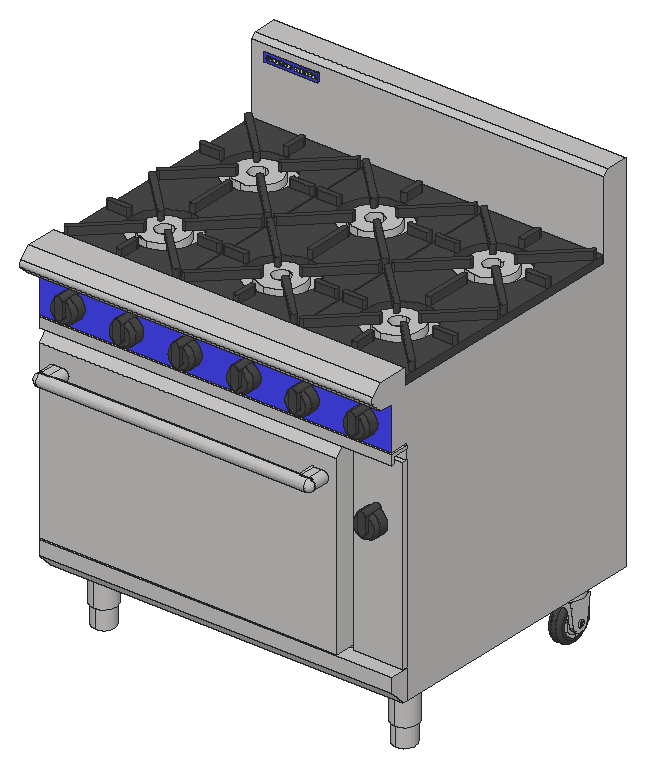
Revit family "QF_MOFFAT_BLUESEAL_CE_G56D", category Specialty Equipment, Revit 2012 (continued)
Lines and regions (mm)
  symbolic lines
    curve 78: line (478.593, -269.593, 0) -> (591.73, -382.73, 0)
    curve 79: line (421.407, -269.593, 0) -> (308.27, -382.73, 0)
    curve 80: line (309.26, -241, 0) -> (359.26, -241, 0)
    curve 81: line (591.767, -241, 0) -> (540.041, -241, 0)
    curve 82: line (478.593, -205.407, 0) -> (591.73, -92.27, 0)
    curve 83: line (421.407, -205.407, 0) -> (308.27, -92.27, 0)
    curve 84: line (752.512, -331.778, 0) -> (752.512, -448.358, 0)
    curve 85: line (752.466, -681.268, 0) -> (752.466, -628.558, 0)
    curve 86: line (893.24, -537.634, 0) -> (843.24, -537.634, 0)
    curve 87: line (723.907, -512.407, 0) -> (610.77, -399.27, 0)
    curve 88: line (610.733, -537.634, 0) -> (662.459, -537.634, 0)
    curve 89: line (781.093, -512.407, 0) -> (894.23, -399.27, 0)
    curve 90: line (723.907, -562.593, 0) -> (610.77, -675.73, 0)
    curve 91: line (781.093, -562.593, 0) -> (894.23, -675.73, 0)
    curve 92: line (752.466, -96.281, 0) -> (752.466, -149.16, 0)
    curve 93: line (723.907, -269.593, 0) -> (610.77, -382.73, 0)
    curve 94: line (781.093, -269.593, 0) -> (894.23, -382.73, 0)
    curve 95: line (893.24, -241, 0) -> (843.24, -241, 0)
    curve 96: line (610.733, -241, 0) -> (662.459, -241, 0)
    curve 97: line (723.907, -205.407, 0) -> (610.77, -92.27, 0)
    curve 98: line (781.093, -205.407, 0) -> (894.23, -92.27, 0)
    curve 99: line (32.794, -18.385, 0) -> (260.753, -18.385, 0)
    curve 100: arc (260.753, -18.385, 0) -> (265.753, -19.725, 0) -> (269.413, -23.385, 0) r 10
    curve 101: line (269.413, -23.385, 0) -> (273.455, -30.385, 0)
    curve 102: arc (273.455, -30.385, 0) -> (273.455, -40.385, 0) -> (264.794, -45.385, 0) r 10
    curve 103: line (264.794, -45.385, 0) -> (36.836, -45.385, 0)
    curve 104: arc (36.836, -45.385, 0) -> (31.836, -44.045, 0) -> (28.176, -40.385, 0) r 10
    curve 105: line (28.176, -40.385, 0) -> (24.134, -33.385, 0)
    curve 106: arc (24.134, -33.385, 0) -> (24.134, -23.385, 0) -> (32.794, -18.385, 0) r 10
    curve 107: line (560.753, -18.385, 0) -> (332.794, -18.385, 0)
    curve 108: arc (332.794, -18.385, 0) -> (324.134, -23.385, 0) -> (324.134, -33.385, 0) r 10
    curve 109: line (324.134, -33.385, 0) -> (328.176, -40.385, 0)
    curve 110: arc (328.176, -40.385, 0) -> (331.836, -44.045, 0) -> (336.836, -45.385, 0) r 10
    curve 111: line (336.836, -45.385, 0) -> (564.794, -45.385, 0)
    curve 112: arc (564.794, -45.385, 0) -> (573.455, -40.385, 0) -> (573.455, -30.385, 0) r 10
    curve 113: line (573.455, -30.385, 0) -> (569.413, -23.385, 0)
    curve 114: arc (569.413, -23.385, 0) -> (565.753, -19.725, 0) -> (560.753, -18.385, 0) r 10
    curve 115: line (632.794, -18.385, 0) -> (860.753, -18.385, 0)
    curve 116: arc (860.753, -18.385, 0) -> (865.753, -19.725, 0) -> (869.413, -23.385, 0) r 10
    curve 117: line (869.413, -23.385, 0) -> (873.455, -30.385, 0)
    curve 118: arc (873.455, -30.385, 0) -> (873.455, -40.385, 0) -> (864.794, -45.385, 0) r 10
    curve 119: line (864.794, -45.385, 0) -> (636.836, -45.385, 0)
    curve 120: arc (636.836, -45.385, 0) -> (631.836, -44.045, 0) -> (628.176, -40.385, 0) r 10
    curve 121: line (628.176, -40.385, 0) -> (624.134, -33.385, 0)
    curve 122: arc (624.134, -33.385, 0) -> (624.134, -23.385, 0) -> (632.794, -18.385, 0) r 10
    curve 123: line (0, -783.97, 0) -> (900, -783.97, 0)
    curve 124: line (0, -57.5, 0) -> (900, -57.5, 0)
  symbolic lines, style "QF_Door-Drawer Clearances", visible <- "Show Clearance"
    curve 12: line (0, -1218.847, 0) -> (0, -812, 0)
    curve 13: line (0, -1218.847, 0) -> (760, -1218.847, 0)
    curve 14: line (760, -1218.847, 0) -> (760, -812, 0)
Dimensions and locks
  equal spacing: plane 3 "LEFT", plane 7 "Center Y", plane 4 "RIGHT"
  "Width": plane 3 "LEFT" to plane 4 "RIGHT"
  equal spacing: plane 5 "FRONT", plane 8 "Center X", plane 1 "BACK"
  plane 5 "FRONT" to plane 1 "BACK" = 812 mm  (x2)
  equal spacing: plane 4 "RIGHT", plane 7 "Center Y", plane 3 "LEFT"
  plane 4 "RIGHT" to plane 3 "LEFT" = 900 mm
  "Height": plane 6 "TOP" to level
  plane 10 to plane 1 "BACK" = 574.272 mm
  plane 12 to plane 1 "BACK" = 304.972 mm  (x2)
  plane 11 to plane 3 "LEFT" = 60 mm
  plane 14 to plane 3 "LEFT" = 74 mm
  plane 9 to plane 3 "LEFT" = 280 mm
  "Depth": plane 1 "BACK" to plane 15
  plane 15 to plane 5 "FRONT" = 0 mm
  plane 6 "TOP" to plane 2 = 970 mm
  plane 2 to Extrusion 1 sketch curve = 875 mm
  locked: plane 2 to Extrusion 1 sketch curve at 915
  Revolve 30 sketch curve to Revolve 30 sketch curve = 50.8 mm
  Revolve 34 sketch curve to Revolve 34 sketch curve = 50.8 mm
  plane 20 to level = 1085 mm
  Extrusion 35 sketch curve to plane 22 = 64.8 mm
  plane 23 to Extrusion 38 sketch curve = 67.217 mm
  plane 24 to Extrusion 39 sketch curve = 65.8 mm
  Extrusion 40 sketch curve to plane 1 "BACK" = 501 mm
  Extrusion 40 sketch curve to plane 4 "RIGHT" = 74 mm
  aligned and locked: level to plane 2
  aligned and locked: curve 3 to plane 4 "RIGHT"
Automatic sketch dimensions
  Extrusion 1 sketch curve to plane 21 = 0 mm
  Extrusion 1 sketch curve to plane 20 = 0 mm
  Extrusion 1 sketch curve to plane 1 "BACK" = 0 mm
  plane 21 to Extrusion 1 sketch curve = 44 mm
  Extrusion 1 sketch curve to plane 5 "FRONT" = 28.03 mm
  Extrusion 1 sketch curve to plane 5 "FRONT" = 27.03 mm
  Extrusion 1 sketch curve to plane 5 "FRONT" = 12.018 mm
  Extrusion 1 sketch curve to plane 5 "FRONT" = 3.524 mm  (x2)
  Extrusion 1 sketch curve to plane 21 = 6 mm
  Extrusion 1 sketch curve to plane 20 = 12.5 mm
  plane 19 to Extrusion 1 sketch curve = 30 mm
  Extrusion 1 sketch curve to Extrusion 1 sketch curve = 12.5 mm
  Extrusion 1 sketch curve to Extrusion 1 sketch curve = 41.494 mm
  Extrusion 1 sketch curve to Extrusion 1 sketch curve = 25 mm
  plane 18 to Extrusion 1 sketch curve = 85 mm
  level to Extrusion 1 sketch curve = 150 mm
  Extrusion 1 sketch curve to Extrusion 1 sketch curve = 8.494 mm
  plane 21 to Extrusion 2 sketch curve = 20 mm
  Extrusion 2 sketch curve to plane 21 = 6 mm
  level to Extrusion 2 sketch curve = 227.5 mm
  plane 21 to Extrusion 3 sketch curve = 9 mm
  Extrusion 3 sketch curve to plane 21 = 6 mm
  level to Extrusion 3 sketch curve = 227.5 mm
  plane 18 to Extrusion 3 sketch curve = 45 mm
  Revolve 4 sketch curve to level = 0 mm
  Revolve 4 sketch curve to plane 21 = 48.25 mm
  Revolve 4 sketch curve to Revolve 4 sketch curve = 4.25 mm
  Revolve 4 sketch curve to Revolve 4 sketch curve = 27.5 mm  (x2)
  level to Revolve 4 sketch curve = 50 mm
  Revolve 4 sketch curve to Revolve 4 sketch curve = 0 mm
  Revolve 4 sketch curve to Revolve 4 sketch curve = 100 mm
  Revolve 4 sketch curve to Revolve 4 sketch curve = 55 mm
  Revolve 5 sketch curve to level = 0 mm
  Revolve 5 sketch curve to plane 21 = 48.25 mm
  Revolve 5 sketch curve to Revolve 5 sketch curve = 4.25 mm
  Revolve 5 sketch curve to Revolve 5 sketch curve = 27.5 mm  (x2)
  Revolve 5 sketch curve to level = 55 mm
  Revolve 5 sketch curve to Revolve 5 sketch curve = 50 mm
  Revolve 5 sketch curve to Revolve 5 sketch curve = 0 mm
  Revolve 5 sketch curve to Revolve 5 sketch curve = 100 mm
  Extrusion 6 sketch curve to plane 17 = 0 mm
  Extrusion 6 sketch curve to plane 16 = 64.5 mm
  Revolve 7 sketch curve to plane 5 "FRONT" = 19 mm
  Revolve 7 sketch curve to Revolve 7 sketch curve = 0 mm  (x2)
  Revolve 7 sketch curve to Revolve 7 sketch curve = 11 mm
  Revolve 7 sketch curve to Revolve 7 sketch curve = 12.7 mm
  Revolve 7 sketch curve to Revolve 7 sketch curve = 23 mm
  Revolve 7 sketch curve to Revolve 7 sketch curve = 10 mm
  plane 18 to Revolve 7 sketch curve = 141.882 mm
  Revolve 7 sketch curve to Revolve 7 sketch curve = 5 mm
  Revolve 7 sketch curve to Revolve 7 sketch curve = 26.651 mm
  Revolve 7 sketch curve to Revolve 7 sketch curve = 5.849 mm
  Revolve 8 sketch curve to plane 5 "FRONT" = 19 mm
  Revolve 8 sketch curve to Revolve 8 sketch curve = 0 mm  (x2)
  Revolve 8 sketch curve to Revolve 8 sketch curve = 11 mm
  Revolve 8 sketch curve to Revolve 8 sketch curve = 12.7 mm
  Revolve 8 sketch curve to Revolve 8 sketch curve = 23 mm
  Revolve 8 sketch curve to Revolve 8 sketch curve = 10 mm
  plane 18 to Revolve 8 sketch curve = 141.882 mm
  Revolve 8 sketch curve to Revolve 8 sketch curve = 5 mm
  Revolve 8 sketch curve to Revolve 8 sketch curve = 26.651 mm
  Revolve 8 sketch curve to Revolve 8 sketch curve = 5.849 mm
  Revolve 9 sketch curve to plane 5 "FRONT" = 19 mm
  Revolve 9 sketch curve to Revolve 9 sketch curve = 0 mm  (x2)
  Revolve 9 sketch curve to Revolve 9 sketch curve = 11 mm
  Revolve 9 sketch curve to Revolve 9 sketch curve = 12.7 mm
  Revolve 9 sketch curve to Revolve 9 sketch curve = 23 mm
  Revolve 9 sketch curve to Revolve 9 sketch curve = 10 mm
  Revolve 9 sketch curve to plane 6 "TOP" = 140.618 mm
  Revolve 9 sketch curve to Revolve 9 sketch curve = 5.849 mm
  Revolve 9 sketch curve to Revolve 9 sketch curve = 27.5 mm
  Revolve 9 sketch curve to Revolve 9 sketch curve = 5 mm
  Revolve 10 sketch curve to plane 5 "FRONT" = 19 mm
  Revolve 10 sketch curve to Revolve 10 sketch curve = 0 mm  (x2)
  Revolve 10 sketch curve to Revolve 10 sketch curve = 11 mm
  Revolve 10 sketch curve to Revolve 10 sketch curve = 12.7 mm
  Revolve 10 sketch curve to Revolve 10 sketch curve = 23 mm
  Revolve 10 sketch curve to Revolve 10 sketch curve = 10 mm
  Revolve 10 sketch curve to plane 6 "TOP" = 140.618 mm
  Revolve 10 sketch curve to Revolve 10 sketch curve = 5.849 mm
  Revolve 10 sketch curve to Revolve 10 sketch curve = 27.5 mm
  Revolve 10 sketch curve to Revolve 10 sketch curve = 5 mm
  Revolve 11 sketch curve to plane 5 "FRONT" = 19 mm
  Revolve 11 sketch curve to Revolve 11 sketch curve = 0 mm  (x2)
  Revolve 11 sketch curve to Revolve 11 sketch curve = 11 mm
  Revolve 11 sketch curve to Revolve 11 sketch curve = 12.7 mm
  Revolve 11 sketch curve to Revolve 11 sketch curve = 23 mm
  Revolve 11 sketch curve to Revolve 11 sketch curve = 10 mm
  Revolve 11 sketch curve to plane 6 "TOP" = 140.618 mm
  Revolve 11 sketch curve to Revolve 11 sketch curve = 5.849 mm
  Revolve 11 sketch curve to Revolve 11 sketch curve = 27.5 mm
  Revolve 11 sketch curve to Revolve 11 sketch curve = 5 mm
  plane 14 to Extrusion 12 sketch curve = 26.156 mm
  Extrusion 12 sketch curve to Extrusion 12 sketch curve = 10 mm
  Extrusion 12 sketch curve to plane 6 "TOP" = 146.118 mm
  Extrusion 12 sketch curve to Extrusion 12 sketch curve = 35 mm
  Extrusion 13 sketch curve to plane 9 = 29.844 mm
  Extrusion 13 sketch curve to Extrusion 13 sketch curve = 10 mm
  Extrusion 13 sketch curve to plane 6 "TOP" = 146.118 mm
  Extrusion 13 sketch curve to Extrusion 13 sketch curve = 35 mm
  Extrusion 14 sketch curve to plane 16 = 4.656 mm
  plane 16 to Extrusion 14 sketch curve = 5.344 mm
  plane 18 to Extrusion 14 sketch curve = 133.882 mm
  Extrusion 14 sketch curve to Extrusion 14 sketch curve = 35 mm
  Extrusion 15 sketch curve to plane 16 = 154.656 mm
  Extrusion 15 sketch curve to Extrusion 15 sketch curve = 10 mm
  plane 18 to Extrusion 15 sketch curve = 133.882 mm
  Extrusion 15 sketch curve to Extrusion 15 sketch curve = 35 mm
  Extrusion 16 sketch curve to plane 7 "Center Y" = 49.868 mm
  Extrusion 16 sketch curve to Extrusion 16 sketch curve = 10 mm
  Extrusion 16 sketch curve to plane 6 "TOP" = 146.118 mm
  Extrusion 16 sketch curve to Extrusion 16 sketch curve = 35 mm
  plane 7 "Center Y" to Extrusion 17 sketch curve = 100.132 mm
  Extrusion 17 sketch curve to Extrusion 17 sketch curve = 10 mm
  Extrusion 17 sketch curve to plane 6 "TOP" = 146.118 mm
  Extrusion 17 sketch curve to Extrusion 17 sketch curve = 35 mm
  Revolve 18 sketch curve to plane 5 "FRONT" = 54 mm
  Revolve 18 sketch curve to Revolve 18 sketch curve = 0 mm  (x2)
  Revolve 18 sketch curve to Revolve 18 sketch curve = 11 mm
  Revolve 18 sketch curve to Revolve 18 sketch curve = 12.7 mm
  plane 21 to Revolve 18 sketch curve = 19 mm
  plane 21 to Revolve 18 sketch curve = 9 mm
  Revolve 18 sketch curve to plane 18 = 103.743 mm
  Revolve 18 sketch curve to Revolve 18 sketch curve = 5 mm
  Revolve 18 sketch curve to Revolve 18 sketch curve = 26.651 mm
  Revolve 18 sketch curve to Revolve 18 sketch curve = 5.849 mm
  Extrusion 19 sketch curve to plane 16 = 7.156 mm
  plane 16 to Extrusion 19 sketch curve = 2.844 mm
  Extrusion 19 sketch curve to plane 18 = 111.743 mm
  Extrusion 19 sketch curve to Extrusion 19 sketch curve = 35 mm
  plane 21 to Extrusion 20 sketch curve = 44 mm
  level to Extrusion 20 sketch curve = 227.5 mm
  plane 5 "FRONT" to Extrusion 20 sketch curve = 406.847 mm
  plane 1 "BACK" to Extrusion 21 sketch curve = 0 mm
  Extrusion 21 sketch curve to plane 17 = 7 mm
  Extrusion 21 sketch curve to plane 16 = 140.5 mm
  plane 19 to Extrusion 21 sketch curve = 13 mm
  Extrusion 21 sketch curve to Extrusion 21 sketch curve = 50 mm
  Extrusion 21 sketch curve to plane 16 = 10.5 mm
  Revolve 22 sketch curve to plane 5 "FRONT" = 19 mm
  Revolve 22 sketch curve to Revolve 22 sketch curve = 0 mm  (x2)
  Revolve 22 sketch curve to Revolve 22 sketch curve = 11 mm
  Revolve 22 sketch curve to Revolve 22 sketch curve = 12.7 mm
  Revolve 22 sketch curve to Revolve 22 sketch curve = 23 mm
  Revolve 22 sketch curve to Revolve 22 sketch curve = 10 mm
  Revolve 22 sketch curve to plane 6 "TOP" = 140.618 mm
  Revolve 22 sketch curve to Revolve 22 sketch curve = 5.849 mm
  Revolve 22 sketch curve to Revolve 22 sketch curve = 27.5 mm
  Revolve 22 sketch curve to Revolve 22 sketch curve = 5 mm
  Extrusion 23 sketch curve to plane 11 = 1.472 mm
  Extrusion 23 sketch curve to plane 18 = 46.875 mm  (x2)
  Extrusion 23 sketch curve to Extrusion 23 sketch curve = 15 mm  (x2)
  Extrusion 23 sketch curve to plane 16 = 131.743 mm
  Extrusion 23 sketch curve to Extrusion 23 sketch curve = 20.282 mm  (x2)
  Revolve 24 sketch curve to plane 3 "LEFT" = 6.961 mm
  plane 3 "LEFT" to Revolve 24 sketch curve = 23.246 mm
  Revolve 24 sketch curve to plane 18 = 16.875 mm
  Revolve 24 sketch curve to Revolve 24 sketch curve = 15 mm
  Revolve 24 sketch curve to plane 18 = 31.875 mm
  plane 7 "Center Y" to Revolve 24 sketch curve = 138.039 mm
  Revolve 24 sketch curve to plane 16 = 111.461 mm
  plane 21 to Extrusion 25 sketch curve = 44 mm
  Extrusion 25 sketch curve to Extrusion 25 sketch curve = 6.387 mm
  Extrusion 25 sketch curve to Extrusion 25 sketch curve = 8.776 mm
  Extrusion 25 sketch curve to plane 21 = 4.07 mm
  plane 18 to Extrusion 25 sketch curve = 55 mm
  Extrusion 25 sketch curve to Extrusion 25 sketch curve = 16.999 mm
  Extrusion 25 sketch curve to Extrusion 25 sketch curve = 7.004 mm
  plane 21 to Extrusion 26 sketch curve = 44 mm
  Extrusion 26 sketch curve to Extrusion 26 sketch curve = 36.5 mm
  Extrusion 27 sketch curve to plane 19 = 0 mm
  Extrusion 27 sketch curve to plane 19 = 19.393 mm
  Extrusion 27 sketch curve to plane 19 = 31.75 mm
  plane 19 to Extrusion 27 sketch curve = 19.393 mm
  plane 19 to Extrusion 27 sketch curve = 31.75 mm
  level to Extrusion 27 sketch curve = 45.111 mm
  Extrusion 27 sketch curve to Extrusion 27 sketch curve = 4.889 mm
  Extrusion 27 sketch curve to Extrusion 27 sketch curve = 64.889 mm
  Revolve 28 sketch curve to plane 19 = 0 mm  (x2)
  Revolve 28 sketch curve to plane 19 = 35.75 mm
  Revolve 28 sketch curve to level = 55 mm
  level to Revolve 28 sketch curve = 50 mm
  Revolve 28 sketch curve to Revolve 28 sketch curve = 60 mm
  Revolve 28 sketch curve to Revolve 28 sketch curve = 40 mm
  Revolve 29 sketch curve to plane 19 = 0 mm  (x2)
  Revolve 29 sketch curve to plane 19 = 35.75 mm
  level to Revolve 29 sketch curve = 150 mm
  Revolve 29 sketch curve to Revolve 29 sketch curve = 40 mm
  level to Revolve 29 sketch curve = 50 mm
  Revolve 29 sketch curve to level = 55 mm
  Revolve 30 sketch curve to plane 16 = 34.382 mm
  Revolve 30 sketch curve to Revolve 30 sketch curve = 1.27 mm  (x4)
  Revolve 30 sketch curve to Revolve 30 sketch curve = 1.524 mm  (x2)
  Revolve 30 sketch curve to Revolve 30 sketch curve = 12.146 mm  (x2)
  Revolve 30 sketch curve to plane 16 = 16.68 mm
  Revolve 30 sketch curve to Revolve 30 sketch curve = 0.794 mm  (x2)
  Revolve 30 sketch curve to Revolve 30 sketch curve = 3.57 mm
  Revolve 30 sketch curve to Revolve 30 sketch curve = 2.143 mm
  Revolve 30 sketch curve to plane 16 = 6.361 mm
  plane 16 to Revolve 30 sketch curve = 5.13 mm
  plane 16 to Revolve 30 sketch curve = 6.339 mm
  plane 16 to Revolve 30 sketch curve = 14.515 mm
  Revolve 30 sketch curve to Revolve 30 sketch curve = 1.349 mm  (x2)
  Revolve 30 sketch curve to Revolve 30 sketch curve = 3.556 mm
  Revolve 30 sketch curve to plane 4 "RIGHT" = 2.18 mm
  level to Revolve 30 sketch curve = 50.8 mm
  Revolve 30 sketch curve to Revolve 30 sketch curve = 0 mm
  Revolve 30 sketch curve to Revolve 30 sketch curve = 3.505 mm  (x2)
  Revolve 30 sketch curve to Revolve 30 sketch curve = 3.447 mm  (x2)
  Revolve 30 sketch curve to Revolve 30 sketch curve = 9.964 mm
  Revolve 30 sketch curve to Revolve 30 sketch curve = 10.045 mm
  Revolve 30 sketch curve to Revolve 30 sketch curve = 2.053 mm
  Revolve 30 sketch curve to Revolve 30 sketch curve = 2.061 mm
  Revolve 30 sketch curve to Revolve 30 sketch curve = 8.247 mm
  Revolve 30 sketch curve to Revolve 30 sketch curve = 8.336 mm
  Revolve 30 sketch curve to Revolve 30 sketch curve = 6.35 mm  (x2)
  Extrusion 31 sketch curve to plane 19 = 0 mm
  Extrusion 31 sketch curve to plane 19 = 19.393 mm
  Extrusion 31 sketch curve to plane 19 = 31.75 mm
  plane 19 to Extrusion 31 sketch curve = 19.393 mm
  plane 19 to Extrusion 31 sketch curve = 31.75 mm
  level to Extrusion 31 sketch curve = 45.111 mm
  Extrusion 31 sketch curve to Extrusion 31 sketch curve = 4.889 mm
  Extrusion 31 sketch curve to Extrusion 31 sketch curve = 64.889 mm
  Revolve 32 sketch curve to level = 0 mm
  Revolve 32 sketch curve to plane 19 = 0 mm  (x2)
  Revolve 32 sketch curve to Revolve 32 sketch curve = 27.5 mm
  Revolve 32 sketch curve to Revolve 32 sketch curve = 31.75 mm
  Revolve 32 sketch curve to level = 55 mm
  Revolve 32 sketch curve to Revolve 32 sketch curve = 50 mm
  Revolve 32 sketch curve to Revolve 32 sketch curve = 0 mm
  Revolve 32 sketch curve to Revolve 32 sketch curve = 100 mm
  Revolve 33 sketch curve to level = 0 mm
  Revolve 33 sketch curve to plane 19 = 0 mm  (x2)
  Revolve 33 sketch curve to Revolve 33 sketch curve = 27.5 mm
  Revolve 33 sketch curve to Revolve 33 sketch curve = 31.75 mm
  level to Revolve 33 sketch curve = 50 mm
  Revolve 33 sketch curve to Revolve 33 sketch curve = 0 mm
  Revolve 33 sketch curve to Revolve 33 sketch curve = 100 mm
  Revolve 33 sketch curve to Revolve 33 sketch curve = 55 mm
  plane 14 to Revolve 34 sketch curve = 25.382 mm
  Revolve 34 sketch curve to Revolve 34 sketch curve = 1.27 mm  (x4)
  Revolve 34 sketch curve to Revolve 34 sketch curve = 1.524 mm  (x2)
  plane 14 to Revolve 34 sketch curve = 10.442 mm
  plane 14 to Revolve 34 sketch curve = 7.68 mm
  Revolve 34 sketch curve to Revolve 34 sketch curve = 0.794 mm  (x2)
  Revolve 34 sketch curve to Revolve 34 sketch curve = 3.57 mm
  Revolve 34 sketch curve to Revolve 34 sketch curve = 2.143 mm
  Revolve 34 sketch curve to plane 14 = 2.639 mm
  Revolve 34 sketch curve to plane 11 = 0.13 mm
  Revolve 34 sketch curve to plane 11 = 1.339 mm
  Revolve 34 sketch curve to plane 11 = 9.515 mm
  Revolve 34 sketch curve to Revolve 34 sketch curve = 1.349 mm  (x2)
  Revolve 34 sketch curve to Revolve 34 sketch curve = 3.556 mm
  Revolve 34 sketch curve to Revolve 34 sketch curve = 12.146 mm
  Revolve 34 sketch curve to plane 3 "LEFT" = 2.68 mm
  level to Revolve 34 sketch curve = 101.6 mm
  Revolve 34 sketch curve to Revolve 34 sketch curve = 6.35 mm  (x4)
  Revolve 34 sketch curve to Revolve 34 sketch curve = 8.247 mm
  Revolve 34 sketch curve to Revolve 34 sketch curve = 8.336 mm
  Revolve 34 sketch curve to Revolve 34 sketch curve = 2.061 mm
  Revolve 34 sketch curve to Revolve 34 sketch curve = 2.053 mm
  Revolve 34 sketch curve to Revolve 34 sketch curve = 10.045 mm
  Revolve 34 sketch curve to Revolve 34 sketch curve = 9.964 mm
  Revolve 34 sketch curve to Revolve 34 sketch curve = 3.447 mm  (x2)
  Revolve 34 sketch curve to Revolve 34 sketch curve = 3.505 mm
  plane 21 to Extrusion 35 sketch curve = 0 mm
  Extrusion 35 sketch curve to plane 21 = 3 mm  (x2)
  plane 10 to Extrusion 35 sketch curve = 36.504 mm
  plane 12 to Extrusion 35 sketch curve = 67.472 mm
  plane 19 to Extrusion 35 sketch curve = 26 mm  (x2)
  Extrusion 35 sketch curve to Extrusion 35 sketch curve = 3 mm
  plane 14 to Extrusion 35 sketch curve = 76 mm  (x2)
  plane 9 to Extrusion 35 sketch curve = 17 mm
  Extrusion 36 sketch curve to Extrusion 35 = 19.102 mm  (x6)
  Extrusion 36 sketch curve to Extrusion 36 sketch curve = 4.525 mm  (x48)
  Extrusion 36 sketch curve to Extrusion 35 = 27.593 mm  (x3)
  Extrusion 36 sketch curve to Extrusion 36 sketch curve = 48.456 mm  (x13)
  Extrusion 36 sketch curve to Extrusion 36 sketch curve = 50.976 mm  (x3)
  Extrusion 36 sketch curve to Extrusion 36 sketch curve = 0 mm  (x19)
  Extrusion 35 to Extrusion 36 sketch curve = 9.908 mm  (x2)
  Extrusion 36 sketch curve to Extrusion 36 sketch curve = 27.39 mm  (x5)
  Extrusion 36 sketch curve to Extrusion 36 sketch curve = 6.4 mm  (x21)
  Extrusion 36 sketch curve to Extrusion 36 sketch curve = 20.658 mm  (x6)
  Extrusion 36 sketch curve to Extrusion 36 sketch curve = 55.923 mm  (x3)
  Extrusion 35 to Extrusion 36 sketch curve = 6.102 mm  (x3)
  Extrusion 36 sketch curve to Extrusion 36 sketch curve = 128.581 mm  (x4)
  Extrusion 36 sketch curve to Extrusion 35 = 6.102 mm  (x2)
  Extrusion 36 sketch curve to Extrusion 35 = 5.102 mm  (x3)
  Extrusion 36 sketch curve to Extrusion 35 = 14.153 mm
  Extrusion 36 sketch curve to Extrusion 36 sketch curve = 12.205 mm  (x6)
  Extrusion 36 sketch curve to Extrusion 35 = 15.153 mm  (x2)
  Extrusion 35 to Extrusion 36 sketch curve = 15.153 mm
  Extrusion 36 sketch curve to Extrusion 36 sketch curve = 112.454 mm  (x3)
  Extrusion 36 sketch curve to Extrusion 36 sketch curve = 59.673 mm  (x3)
  Extrusion 36 sketch curve to Extrusion 36 sketch curve = 17.024 mm  (x4)
  Extrusion 36 sketch curve to Extrusion 36 sketch curve = 46.847 mm  (x6)
  Extrusion 36 sketch curve to Extrusion 36 sketch curve = 62.169 mm  (x3)
  Extrusion 36 sketch curve to Extrusion 35 = 36.153 mm  (x4)
  Extrusion 36 sketch curve to Extrusion 35 = 23.4 mm  (x3)
  Extrusion 36 sketch curve to Extrusion 35 = 9.156 mm  (x2)
  Extrusion 36 sketch curve to Extrusion 36 sketch curve = 55.413 mm  (x7)
  Extrusion 36 sketch curve to Extrusion 36 sketch curve = 20.524 mm  (x9)
  Extrusion 36 sketch curve to Extrusion 36 sketch curve = 53.847 mm  (x12)
  Extrusion 36 sketch curve to Extrusion 35 = 58.364 mm
  Extrusion 36 sketch curve to Extrusion 36 sketch curve = 55.661 mm  (x6)
  Extrusion 36 sketch curve to Extrusion 35 = 9.908 mm  (x2)
  Extrusion 36 sketch curve to Extrusion 36 sketch curve = 128.447 mm  (x6)
  Extrusion 36 sketch curve to Extrusion 36 sketch curve = 15.038 mm  (x4)
  Extrusion 36 sketch curve to Extrusion 36 sketch curve = 23.146 mm  (x2)
  Extrusion 38 sketch curve to plane 7 "Center Y" = 0 mm  (x2)
  plane 21 to Extrusion 38 sketch curve = 0 mm
  Extrusion 38 sketch curve to plane 21 = 3 mm  (x2)
  plane 10 to Extrusion 38 sketch curve = 36.504 mm
  plane 12 to Extrusion 38 sketch curve = 67.472 mm
  plane 19 to Extrusion 38 sketch curve = 26 mm  (x2)
  Extrusion 38 sketch curve to Extrusion 38 sketch curve = 3 mm
  plane 9 to Extrusion 38 sketch curve = 23 mm
  plane 21 to Extrusion 39 sketch curve = 0 mm
  Extrusion 39 sketch curve to plane 21 = 3 mm  (x2)
  plane 10 to Extrusion 39 sketch curve = 36.504 mm
  plane 12 to Extrusion 39 sketch curve = 67.472 mm
  plane 19 to Extrusion 39 sketch curve = 26 mm  (x2)
  Extrusion 39 sketch curve to Extrusion 39 sketch curve = 3 mm
  Extrusion 39 sketch curve to plane 24 = 84.2 mm  (x2)
  plane 7 "Center Y" to Extrusion 39 sketch curve = 154.417 mm
  curve 23 to curve 24 = 0 mm  (x2)
  curve 23 to curve 27 = 0 mm  (x2)
  curve 23 to curve 28 = 0 mm  (x2)
  curve 24 to curve 27 = 0 mm  (x2)
  curve 24 to curve 28 = 0 mm  (x2)
  curve 25 to curve 26 = 0 mm  (x2)
  curve 27 to curve 28 = 0 mm  (x2)
  curve 37 to curve 38 = 0 mm  (x2)
  curve 37 to curve 39 = 0 mm  (x2)
  curve 37 to curve 40 = 0 mm  (x2)
  curve 37 to curve 41 = 0 mm  (x2)
  curve 37 to curve 42 = 0 mm  (x2)
  curve 38 to curve 39 = 0 mm  (x2)
  curve 38 to curve 40 = 0 mm  (x2)
  curve 38 to curve 41 = 0 mm  (x2)
  curve 38 to curve 42 = 0 mm  (x2)
  curve 39 to curve 40 = 0 mm  (x2)
  curve 39 to curve 41 = 0 mm  (x2)
  curve 39 to curve 42 = 0 mm  (x2)
  curve 40 to curve 41 = 0 mm  (x2)
  curve 40 to curve 42 = 0 mm  (x2)
  curve 41 to curve 42 = 0 mm  (x2)
  curve 45 to curve 46 = 0 mm  (x2)
  curve 45 to curve 47 = 0 mm  (x2)
  curve 45 to curve 48 = 0 mm  (x2)
  curve 46 to curve 47 = 0 mm  (x2)
  curve 46 to curve 48 = 0 mm  (x2)
  curve 47 to curve 48 = 0 mm  (x2)
  curve 49 to curve 50 = 0 mm  (x2)
  curve 49 to curve 51 = 0 mm  (x2)
  curve 49 to curve 52 = 0 mm  (x2)
  curve 50 to curve 51 = 0 mm  (x2)
  curve 50 to curve 52 = 0 mm  (x2)
  curve 51 to curve 52 = 0 mm  (x2)
  curve 53 to curve 54 = 0 mm  (x2)
  curve 55 to curve 56 = 0 mm  (x2)
  curve 55 to curve 57 = 0 mm  (x2)
  curve 55 to curve 58 = 0 mm  (x2)
  curve 55 to curve 59 = 0 mm  (x2)
  curve 55 to curve 60 = 0 mm  (x2)
  curve 56 to curve 57 = 0 mm  (x2)
  curve 56 to curve 58 = 0 mm  (x2)
  curve 56 to curve 59 = 0 mm  (x2)
  curve 56 to curve 60 = 0 mm  (x2)
  curve 57 to curve 58 = 0 mm  (x2)
  curve 57 to curve 59 = 0 mm  (x2)
  curve 57 to curve 60 = 0 mm  (x2)
  curve 58 to curve 59 = 0 mm  (x2)
  curve 58 to curve 60 = 0 mm  (x2)
  curve 59 to curve 60 = 0 mm  (x2)
  curve 61 to curve 62 = 0 mm  (x2)
  curve 63 to curve 64 = 0 mm  (x2)
  curve 63 to curve 65 = 0 mm  (x2)
  curve 63 to curve 66 = 0 mm  (x2)
  curve 63 to curve 67 = 0 mm  (x2)
  curve 63 to curve 68 = 0 mm  (x2)
  curve 64 to curve 65 = 0 mm  (x2)
  curve 64 to curve 66 = 0 mm  (x2)
  curve 64 to curve 67 = 0 mm  (x2)
  curve 64 to curve 68 = 0 mm  (x2)
  curve 65 to curve 66 = 0 mm  (x2)
  curve 65 to curve 67 = 0 mm  (x2)
  curve 65 to curve 68 = 0 mm  (x2)
  curve 66 to curve 67 = 0 mm  (x2)
  curve 66 to curve 68 = 0 mm  (x2)
  curve 67 to curve 68 = 0 mm  (x2)
  curve 61 to plane 7 "Center Y" = 0 mm
  curve 45 to plane 7 "Center Y" = 0 mm
  curve 63 to plane 7 "Center Y" = 0 mm
  curve 57 to plane 16 = 84.5 mm
  plane 10 to curve 49 = 36.772 mm
  curve 49 to plane 16 = 84.5 mm
  curve 53 to curve 49 = 0 mm
  plane 12 to curve 42 = 45.472 mm
  plane 14 to curve 42 = 76 mm
  plane 14 to curve 28 = 76 mm
  curve 26 to curve 23 = 0 mm
  curve 39 to curve 41 = 22 mm
  plane 12 to curve 67 = 67.472 mm
  plane 12 to curve 57 = 67.472 mm
  curve 67 to curve 63 = 22 mm
  curve 59 to curve 55 = 22 mm
  curve 66 to curve 67 = 35 mm
  curve 58 to curve 59 = 35 mm
  curve 39 to curve 41 = 35 mm
  curve 38 to curve 39 = 28 mm
  curve 56 to curve 57 = 28 mm
  curve 63 to curve 65 = 28 mm
  curve 25 to plane 8 "Center X" = 46.768 mm
  curve 54 to plane 8 "Center X" = 46.768 mm
  curve 62 to plane 8 "Center X" = 46.768 mm
  curve 53 to curve 50 = 27.732 mm
  curve 61 to curve 46 = 27.732 mm
  curve 25 to curve 23 = 27.732 mm
  curve 52 to curve 49 = 22 mm
  curve 45 to curve 48 = 35 mm
  curve 23 to curve 28 = 35 mm
  curve 27 to curve 28 = 22 mm
  curve 47 to curve 45 = 22 mm
  curve 23 to curve 25 = 0.268 mm
  curve 49 to curve 54 = 0.268 mm
  curve 45 to curve 62 = 0.268 mm
  Extrusion 37 sketch curve to Extrusion 37 sketch curve = 0 mm  (x12)
  Extrusion 37 sketch curve to plane 7 "Center Y" = 0 mm  (x2)
  plane 12 to Extrusion 37 sketch curve = 67.472 mm  (x3)
  plane 10 to Extrusion 37 sketch curve = 36.772 mm  (x3)
  plane 14 to Extrusion 37 sketch curve = 76 mm  (x2)
  Extrusion 37 sketch curve to plane 16 = 84.5 mm  (x2)
  plane 1 "BACK" to curve 1 = 0 mm
  curve 1 to plane 3 "LEFT" = 0 mm
  plane 5 "FRONT" to curve 9 = 0 mm
  plane 21 to curve 6 = 0 mm
  plane 3 "LEFT" to curve 31 = 8.27 mm
  plane 3 "LEFT" to curve 44 = 8.27 mm
  plane 3 "LEFT" to curve 34 = 8.27 mm
  plane 3 "LEFT" to curve 29 = 8.27 mm
  plane 3 "LEFT" to curve 20 = 9.26 mm
  plane 3 "LEFT" to curve 35 = 9.26 mm
  plane 3 "LEFT" to curve 9 = 22.65 mm
  curve 10 to plane 11 = 11.111 mm
  curve 9 to plane 11 = 9.192 mm
  curve 20 to plane 11 = 0.74 mm
  curve 35 to plane 11 = 0.74 mm
  plane 14 to curve 34 = 47.407 mm
  plane 14 to curve 44 = 47.407 mm
  plane 14 to curve 29 = 47.407 mm
  plane 10 to curve 31 = 11.679 mm
  plane 14 to curve 31 = 47.407 mm
  curve 18 to plane 12 = 26.806 mm
  curve 34 to curve 18 = 28.581 mm
  curve 19 to plane 21 = 23.732 mm
  plane 14 to curve 19 = 76.034 mm
  curve 44 to curve 32 = 28.628 mm
  curve 44 to curve 43 = 57.187 mm
  plane 12 to curve 33 = 35.379 mm
  curve 34 to curve 33 = 57.187 mm
  curve 29 to curve 21 = 57.187 mm
  plane 10 to curve 30 = 11.679 mm
  curve 30 to curve 21 = 0 mm
  curve 36 to plane 9 = 39.959 mm
  curve 22 to plane 9 = 39.959 mm
  plane 9 to curve 43 = 11.73 mm
  plane 9 to curve 33 = 11.73 mm
  plane 9 to curve 30 = 11.73 mm
  plane 9 to curve 21 = 11.73 mm
  plane 9 to curve 22 = 11.767 mm
  plane 9 to curve 36 = 11.767 mm
  curve 15 to plane 21 = 3.3 mm
  plane 9 to curve 15 = 20 mm
  plane 8 "Center X" to curve 74 = 6.73 mm
  curve 21 to curve 74 = 16.539 mm
  curve 30 to curve 76 = 16.539 mm
  curve 33 to curve 79 = 16.539 mm
  plane 19 to curve 83 = 7.73 mm
  curve 43 to curve 83 = 16.539 mm
  curve 22 to curve 71 = 17.493 mm
  curve 36 to curve 80 = 17.493 mm
  curve 71 to curve 71 = 50 mm
  curve 80 to curve 80 = 50 mm
  plane 10 to curve 76 = 11.679 mm
  curve 76 to plane 7 "Center Y" = 28.593 mm
  curve 83 to plane 7 "Center Y" = 28.593 mm
  curve 74 to plane 7 "Center Y" = 28.593 mm
  curve 79 to plane 7 "Center Y" = 28.593 mm
  curve 69 to plane 7 "Center Y" = 0.012 mm
  plane 7 "Center Y" to curve 70 = 0.034 mm
  plane 7 "Center Y" to curve 77 = 0.034 mm
  plane 10 to curve 75 = 11.679 mm
  plane 7 "Center Y" to curve 75 = 28.593 mm
  plane 7 "Center Y" to curve 72 = 28.593 mm
  plane 7 "Center Y" to curve 78 = 28.593 mm
  plane 7 "Center Y" to curve 82 = 28.593 mm
  curve 78 to curve 81 = 61.447 mm
  curve 75 to curve 73 = 61.447 mm
  plane 8 "Center X" to curve 72 = 6.73 mm
  plane 7 "Center Y" to curve 72 = 141.73 mm
  plane 19 to curve 82 = 7.73 mm
  plane 7 "Center Y" to curve 82 = 141.73 mm
  curve 78 to plane 13 = 17.758 mm
  curve 78 to curve 72 = 0 mm
  curve 75 to plane 21 = 29.27 mm
  plane 7 "Center Y" to curve 75 = 141.73 mm
  curve 81 to curve 81 = 51.727 mm
  curve 73 to curve 73 = 51.727 mm
  curve 82 to curve 16 = 9.686 mm
  curve 81 to curve 96 = 18.965 mm
  curve 73 to curve 88 = 18.965 mm
  curve 90 to plane 21 = 29.27 mm
  curve 75 to curve 90 = 19.039 mm
  plane 8 "Center X" to curve 87 = 6.73 mm
  curve 72 to curve 87 = 19.039 mm
  curve 93 to plane 13 = 17.758 mm
  curve 78 to curve 93 = 19.039 mm
  plane 19 to curve 97 = 7.73 mm
  curve 82 to curve 97 = 19.039 mm
  curve 96 to curve 96 = 51.727 mm
  curve 88 to curve 88 = 51.727 mm
  plane 12 to curve 93 = 35.379 mm
  curve 96 to curve 93 = 61.447 mm
  curve 97 to curve 93 = 0 mm
  curve 88 to curve 87 = 61.447 mm
  plane 10 to curve 90 = 11.679 mm
  curve 90 to curve 87 = 0 mm
  plane 5 "FRONT" to curve 10 = 14.544 mm
  curve 10 to plane 16 = 112.642 mm
  curve 11 to curve 11 = 25.191 mm
  curve 97 to curve 92 = 28.559 mm
  curve 85 to plane 21 = 23.732 mm
  curve 85 to plane 16 = 82.034 mm
  curve 84 to plane 12 = 26.806 mm
  curve 93 to curve 84 = 28.605 mm
  curve 13 to plane 16 = 74.5 mm
  curve 89 to plane 16 = 53.407 mm
  curve 98 to plane 16 = 53.407 mm
  plane 10 to curve 91 = 11.679 mm
  curve 91 to curve 89 = 0 mm
  curve 94 to plane 16 = 53.407 mm
  plane 16 to curve 86 = 8.74 mm
  plane 16 to curve 95 = 8.74 mm
  plane 4 "RIGHT" to curve 86 = 6.76 mm
  plane 4 "RIGHT" to curve 95 = 6.76 mm
  plane 4 "RIGHT" to curve 89 = 5.77 mm
  plane 4 "RIGHT" to curve 91 = 5.77 mm
  plane 4 "RIGHT" to curve 94 = 5.77 mm
  plane 4 "RIGHT" to curve 98 = 5.77 mm
  curve 12 to curve 10 = 392.303 mm
  curve 70 to plane 21 = 23.732 mm
  curve 7 to curve 91 = 25.97 mm
  curve 7 to curve 31 = 25.97 mm
  curve 15 to curve 76 = 25.97 mm
  curve 30 to curve 76 = 0 mm
  curve 85 to curve 85 = 52.71 mm
  curve 70 to curve 70 = 52.71 mm
  curve 19 to curve 19 = 52.71 mm
  plane 10 to curve 86 = 36.638 mm
  plane 10 to curve 73 = 36.638 mm
  plane 10 to curve 22 = 36.638 mm
  plane 10 to curve 71 = 36.638 mm
  plane 10 to curve 20 = 36.638 mm
  plane 10 to curve 88 = 36.638 mm
  curve 31 to curve 29 = 50.187 mm
  curve 75 to curve 72 = 50.187 mm
  curve 30 to curve 21 = 50.187 mm
  curve 76 to curve 74 = 50.187 mm
  curve 90 to curve 87 = 50.187 mm
  curve 91 to curve 89 = 50.187 mm
  curve 84 to plane 8 "Center X" = 42.358 mm
  curve 18 to plane 8 "Center X" = 42.358 mm
  curve 69 to plane 8 "Center X" = 42.358 mm
  plane 8 "Center X" to curve 89 = 6.73 mm
  plane 8 "Center X" to curve 21 = 6.73 mm
  plane 8 "Center X" to curve 29 = 6.73 mm
  curve 89 to curve 17 = 8.27 mm
  curve 21 to curve 33 = 16.539 mm
  curve 17 to curve 94 = 8.27 mm
  curve 33 to curve 79 = 0 mm
  curve 17 to curve 34 = 8.27 mm
  curve 69 to plane 12 = 26.806 mm
  plane 12 to curve 34 = 35.379 mm
  plane 12 to curve 94 = 35.379 mm
  plane 12 to curve 78 = 35.379 mm
  plane 12 to curve 79 = 35.379 mm
  plane 12 to curve 36 = 63.972 mm
  plane 12 to curve 95 = 63.972 mm
  curve 36 to curve 80 = 0 mm
  plane 12 to curve 81 = 63.972 mm
  curve 81 to curve 96 = 0 mm
  plane 12 to curve 35 = 63.972 mm
  curve 33 to curve 43 = 64.187 mm
  curve 79 to curve 83 = 64.187 mm
  curve 93 to curve 97 = 64.187 mm
  curve 83 to curve 82 = 0 mm
  curve 97 to curve 98 = 0 mm
  curve 44 to curve 43 = 0 mm
  curve 32 to plane 19 = 49.16 mm
  curve 77 to plane 19 = 49.16 mm
  curve 92 to plane 19 = 49.16 mm
  plane 19 to curve 92 = 3.719 mm
  plane 19 to curve 77 = 3.719 mm
  plane 19 to curve 32 = 3.719 mm
  plane 19 to curve 44 = 7.73 mm
  plane 19 to curve 98 = 7.73 mm
  plane 19 to curve 43 = 7.73 mm
  curve 43 to curve 15 = 19.536 mm
  curve 8 to curve 4 = 2.734 mm
  Split face 1 sketch curve to cut or joined group of Extrusion 1, Extrusion 21 = 27.115 mm
  Split face 1 sketch curve to cut or joined group of Extrusion 1, Extrusion 21 = 626.545 mm
  Split face 1 sketch curve to Split face 1 sketch curve = 4.041 mm  (x4)
  Split face 1 sketch curve to Split face 1 sketch curve = 8.66 mm  (x2)
  Split face 1 sketch curve to cut or joined group of Extrusion 1, Extrusion 21 = 12.115 mm
  Split face 1 sketch curve to Split face 1 sketch curve = 223.917 mm
  Split face 1 sketch curve to Split face 1 sketch curve = 7 mm  (x3)
  Split face 1 sketch curve to Split face 1 sketch curve = 17 mm
  Split face 2 sketch curve to cut or joined group of Extrusion 1, Extrusion 21 = 27.115 mm
  Split face 2 sketch curve to cut or joined group of Extrusion 1, Extrusion 21 = 326.545 mm
  Split face 2 sketch curve to cut or joined group of Extrusion 1, Extrusion 21 = 23.385 mm
  Split face 2 sketch curve to Split face 2 sketch curve = 4.041 mm  (x3)
  Split face 2 sketch curve to Split face 2 sketch curve = 8.66 mm  (x3)
  Split face 2 sketch curve to cut or joined group of Extrusion 1, Extrusion 21 = 12.115 mm
  Split face 2 sketch curve to Split face 2 sketch curve = 223.917 mm
  Split face 2 sketch curve to cut or joined group of Extrusion 1, Extrusion 21 = 18.385 mm
  Split face 2 sketch curve to Split face 2 sketch curve = 10 mm
  Split face 2 sketch curve to Split face 2 sketch curve = 7 mm
  Split face 3 sketch curve to cut or joined group of Extrusion 1, Extrusion 21 = 27.115 mm
  Split face 3 sketch curve to cut or joined group of Extrusion 1, Extrusion 21 = 26.545 mm
  Split face 3 sketch curve to cut or joined group of Extrusion 1, Extrusion 21 = 23.385 mm
  Split face 3 sketch curve to Split face 3 sketch curve = 4.041 mm  (x4)
  Split face 3 sketch curve to Split face 3 sketch curve = 8.66 mm  (x2)
  Split face 3 sketch curve to cut or joined group of Extrusion 1, Extrusion 21 = 22.115 mm
  Split face 3 sketch curve to Split face 3 sketch curve = 223.917 mm
  Split face 3 sketch curve to cut or joined group of Extrusion 1, Extrusion 21 = 17.115 mm
  Split face 3 sketch curve to Split face 3 sketch curve = 17 mm
  Split face 3 sketch curve to Split face 3 sketch curve = 7 mm
  curve 105 to plane 17 = 1.385 mm
  plane 3 "LEFT" to curve 105 = 24.134 mm
  curve 105 to plane 17 = 8.385 mm
  curve 105 to curve 105 = 4.041 mm
  plane 17 to curve 106 = 3.615 mm
  curve 106 to curve 106 = 8.66 mm
  curve 104 to curve 104 = 8.66 mm
  plane 17 to curve 100 = 3.615 mm
  curve 100 to plane 9 = 19.247 mm
  curve 102 to plane 17 = 3.385 mm
  curve 100 to curve 102 = 4.041 mm
  plane 17 to curve 101 = 8.615 mm
  plane 17 to curve 102 = 1.615 mm
  curve 102 to plane 9 = 6.545 mm
  curve 108 to plane 17 = 1.385 mm
  plane 9 to curve 108 = 44.134 mm
  curve 109 to curve 110 = 4.041 mm
  curve 108 to curve 107 = 8.66 mm
  curve 110 to plane 17 = 3.385 mm
  curve 108 to curve 110 = 4.041 mm
  plane 17 to curve 114 = 13.615 mm
  curve 114 to curve 16 = 40.664 mm
  curve 112 to plane 17 = 3.385 mm
  curve 114 to curve 112 = 4.041 mm
  plane 17 to curve 113 = 8.615 mm
  curve 107 to curve 113 = 8.66 mm
  plane 17 to curve 112 = 1.615 mm
  curve 113 to curve 112 = 4.041 mm
  curve 121 to plane 17 = 1.385 mm
  curve 16 to curve 121 = 22.717 mm
  curve 121 to plane 17 = 8.385 mm
  curve 121 to curve 121 = 4.041 mm
  plane 17 to curve 115 = 13.615 mm
  curve 122 to curve 115 = 8.66 mm
  curve 121 to curve 119 = 8.66 mm
  plane 16 to curve 115 = 26.253 mm
  curve 116 to curve 119 = 4.041 mm
  plane 17 to curve 117 = 8.615 mm
  curve 115 to curve 117 = 8.66 mm
  plane 17 to curve 117 = 1.615 mm
  curve 116 to curve 117 = 4.041 mm
  curve 120 to curve 121 = 5 mm
  curve 123 to plane 5 "FRONT" = 28.03 mm
  curve 4 to curve 124 = 12.5 mm
  Extrusion 2 sketch curve to Extrusion 2 sketch curve = 24 mm
  plane 18 to Extrusion 2 sketch curve = 21 mm
  plane 18 to Extrusion 2 sketch curve = 45 mm
  Extrusion 26 sketch curve to plane 21 = 6 mm
  level to Extrusion 26 sketch curve = 150 mm
  Extrusion 26 sketch curve to Extrusion 26 sketch curve = 36 mm
  plane 21 to Extrusion 26 sketch curve = 8 mm
  radius of Extrusion 6 sketch curve = 10 mm
  radius of Extrusion 35 sketch curve = 85 mm  (x2)
  radius of Extrusion 38 sketch curve = 85 mm  (x2)
  radius of Extrusion 39 sketch curve = 85 mm  (x2)
  radius of Extrusion 37 sketch curve = 57 mm  (x6)
  radius of Extrusion 37 sketch curve = 22 mm  (x6)
  radius of Extrusion 40 sketch curve = 6.35 mm
Nested families
  nested 1: "WALDORF LOGO_FACE BASE" at (32, -70, 1056.385) x (1, 0, 0) z (0, -1, 0), visible <- "Show Logo", type "WALDORF LOGO_FACE BASE", detail levels medium+fine
    with Show Logo yes
Connectors
  piping at (770, -32, 655)
    settings: on Extrusion 6, index 4, connector radius 0.37402", flow factor 0, pipe flow 0 GPM, pressure drop 0.00 psi, fitting loss kfactor 0, connector angle 0.00°, fixture units 0, engagement length 0 mm, flow configuration 1, flow direction 1, fitting loss method 0, system type 7, joint type 0, gender type 0, connector reference index -1, connector utility 0, adjustable connector no, is connector primary yes, fitting loss table "", connector description "GAS CONNECTION"
  electrical at (826, -501, 147.817), driven by "Volts", driven by "Watts"
    settings: on Extrusion 40, index 5, voltage 230 V, apparent load 130 VA, apparent load phase1 0 VA, apparent load phase2 0 VA, apparent load phase3 0 VA, power factor 1, load classification "Other", number of poles 1, system type 30, power factor state 1, is connector primary yes, connector utility no, sub classification motor no, connector description "ELECTRICAL CONNECTION"
Definition of nested family "WALDORF LOGO_FACE BASE"
  Parameters (values of type "WALDORF LOGO_FACE BASE")
    Show Logo [instance] = yes
    Default Elevation = 1219.2 mm
  Reference planes
    plane 1 "Center (Front/Back)": y = 0
    plane 2: z = 0
    plane 3 "Center (Left/Right)": x = 0
  Forms (mm)
    Extrusion 1, solid
      sketch origin (0, 0, 0) x (1, 0, 0) y (0, 1, 0)
        loop
          line (-1219.2, 1219.2) -> (-1219.2, -1219.2) -> (1219.2, -1219.2) -> (1219.2, 1219.2) -> (-1219.2, 1219.2)
      from 0 to -304.8
    Extrusion 2, solid, material "QF_Finishes_Blue", visible <- "Show Logo"
      sketch origin (0, -33.217, 0) x (1, 0, 0) y (0, 1, 0)
        loop
          arc (138, 31.942) -> (137.626, 32.844) -> (136.724, 33.217) r 1.276
          line (136.724, 33.217) -> (1.29, 33.217)
          arc (1.29, 33.217) -> (0.378, 32.839) -> (0, 31.927) r 1.29
          line (0, 31.927) -> (0, 11.507)
          arc (0, 11.507) -> (0.378, 10.595) -> (1.29, 10.217) r 1.29
          line (1.29, 10.217) -> (136.71, 10.217)
          arc (136.71, 10.217) -> (137.622, 10.595) -> (138, 11.507) r 1.29
          line (138, 11.507) -> (138, 31.942)
      from 0 to 1.588
    Extrusion 3, solid, material "QF_Finishes_White", visible <- "Show Logo"
      sketch origin (0, -33.217, 1.588) x (1, 0, 0) y (0, 1, 0)
        loop
          arc (108.946, 25.919) -> (107.613, 25.367) -> (107.061, 24.034) r 1.885
          line (107.061, 24.034) -> (107.061, 17.211) -> (112.704, 17.211) -> (112.704, 19.129) -> (115.546, 19.129) -> (115.546, 17.211) -> (121.584, 17.211) -> (121.584, 24.075)
          arc (121.584, 24.075) -> (121.043, 25.379) -> (119.739, 25.919) r 1.845
          line (119.739, 25.919) -> (108.946, 25.919)
        loop
          line (123.478, 25.919) -> (123.478, 17.163) -> (134.904, 17.163) -> (134.904, 19.129) -> (129.246, 19.129) -> (129.246, 25.919) -> (123.478, 25.919)
        loop
          line (112.704, 21.258) -> (115.546, 21.258) -> (115.546, 22.702)
          arc (115.546, 22.702) -> (115.344, 23.188) -> (114.858, 23.389) r 0.687
          line (114.858, 23.389) -> (113.363, 23.389)
          arc (113.363, 23.389) -> (112.897, 23.196) -> (112.704, 22.73) r 0.658
          line (112.704, 22.73) -> (112.704, 21.258)
        loop
          line (105.071, 25.919) -> (93.771, 25.919) -> (93.771, 17.163) -> (105.071, 17.163) -> (105.071, 19.063) -> (99.535, 19.063) -> (99.535, 20.437) -> (105.071, 20.437) -> (105.071, 22.278) -> (99.535, 22.278) -> (99.535, 23.587) -> (105.071, 23.587) -> (105.071, 25.919)
        loop
          line (91.104, 25.919) -> (79.541, 25.919)
          arc (79.541, 25.919) -> (78.558, 25.513) -> (78.152, 24.53) r 1.389
          line (78.152, 24.53) -> (78.152, 22.08)
          arc (78.152, 22.08) -> (78.558, 21.098) -> (79.541, 20.691) r 1.389
          line (79.541, 20.691) -> (86.346, 20.691) -> (86.346, 18.864) -> (83.266, 18.864) -> (83.266, 19.664) -> (78.152, 19.664) -> (78.152, 18.553)
          arc (78.152, 18.553) -> (78.558, 17.57) -> (79.541, 17.163) r 1.389
          line (79.541, 17.163) -> (91.063, 17.163)
          arc (91.063, 17.163) -> (92.045, 17.57) -> (92.452, 18.553) r 1.389
          line (92.452, 18.553) -> (92.452, 20.691)
          arc (92.452, 20.691) -> (92.045, 21.673) -> (91.063, 22.08) r 1.389
          line (91.063, 22.08) -> (83.266, 22.08) -> (83.266, 23.984) -> (86.346, 23.984) -> (86.346, 22.743) -> (92.452, 22.743) -> (92.452, 24.571)
          arc (92.452, 24.571) -> (92.057, 25.524) -> (91.104, 25.919) r 1.348
        loop
          line (70.705, 25.919) -> (59.405, 25.919) -> (59.405, 17.163) -> (70.705, 17.163) -> (70.705, 19.063) -> (65.169, 19.063) -> (65.169, 20.437) -> (70.705, 20.437) -> (70.705, 22.278) -> (65.169, 22.278) -> (65.169, 23.587) -> (70.705, 23.587) -> (70.705, 25.919)
        loop
          line (57.598, 25.919) -> (51.7, 25.919) -> (51.7, 20.18)
          arc (51.7, 20.18) -> (50.63, 19.11) -> (49.56, 20.18) r 1.07
          line (49.56, 20.18) -> (49.56, 25.919) -> (43.663, 25.919) -> (43.663, 19.049)
          arc (43.663, 19.049) -> (44.215, 17.716) -> (45.548, 17.163) r 1.885
          line (45.548, 17.163) -> (55.71, 17.163)
          arc (55.71, 17.163) -> (57.045, 17.716) -> (57.598, 19.051) r 1.887
          line (57.598, 19.051) -> (57.598, 25.919)
        loop
          line (31.62, 25.919) -> (31.62, 17.163) -> (43.046, 17.163) -> (43.046, 19.129) -> (37.388, 19.129) -> (37.388, 25.919) -> (31.62, 25.919)
        loop
          line (15.969, 25.919) -> (15.969, 17.163) -> (28.693, 17.163)
          arc (28.693, 17.163) -> (29.812, 17.627) -> (30.276, 18.746) r 1.582
          line (30.276, 18.746) -> (30.276, 20.447) -> (29.48, 21.243) -> (30.276, 22.039) -> (30.276, 24.332)
          arc (30.276, 24.332) -> (29.811, 25.454) -> (28.688, 25.919) r 1.587
          line (28.688, 25.919) -> (15.969, 25.919)
        loop
          line (21.449, 24.159) -> (21.449, 22.436) -> (23.862, 22.436)
          arc (23.862, 22.436) -> (24.723, 23.298) -> (23.862, 24.159) r 0.861
          line (23.862, 24.159) -> (21.449, 24.159)
        loop
          line (21.449, 20.244) -> (21.449, 18.522) -> (23.862, 18.522)
          arc (23.862, 18.522) -> (24.723, 19.383) -> (23.862, 20.244) r 0.861
          line (23.862, 20.244) -> (21.449, 20.244)
      from 0 to 0.2
    Extrusion 4, solid, material "QF_Finishes_Blue", visible <- "Show Logo"
      sketch origin (-126.498, -31.09, 1.588) x (1, 0, 0) y (0, 1, 0)
        loop
          line (136.738, 23.522) -> (136.738, 15.1)
          arc (136.738, 15.1) -> (140.756, 19.311) -> (136.738, 23.522) r 4.216
      from 0 to 0.2
    Extrusion 5, solid, material "QF_Finishes_Red", visible <- "Show Logo"
      sketch origin (146.849, -31.09, 1.588) x (-1, 0, 0) y (0, -1, 0)
        loop
          arc (136.738, -23.522) -> (140.756, -19.311) -> (136.738, -15.1) r 4.216
          line (136.738, -15.1) -> (136.738, -23.522)
      from 0 to 0.2
  Lines and regions (mm)
    Split face 1
      outline origin (-90.35, -30.793, 1.588) x (1, 0, 0) y (0, 1, 0)
        loop
          circle (100.54, 19.013) r 4.536
  Dimensions and locks
    aligned and locked: plane 2 to Extrusion 1
    aligned and locked: level to Extrusion 1
